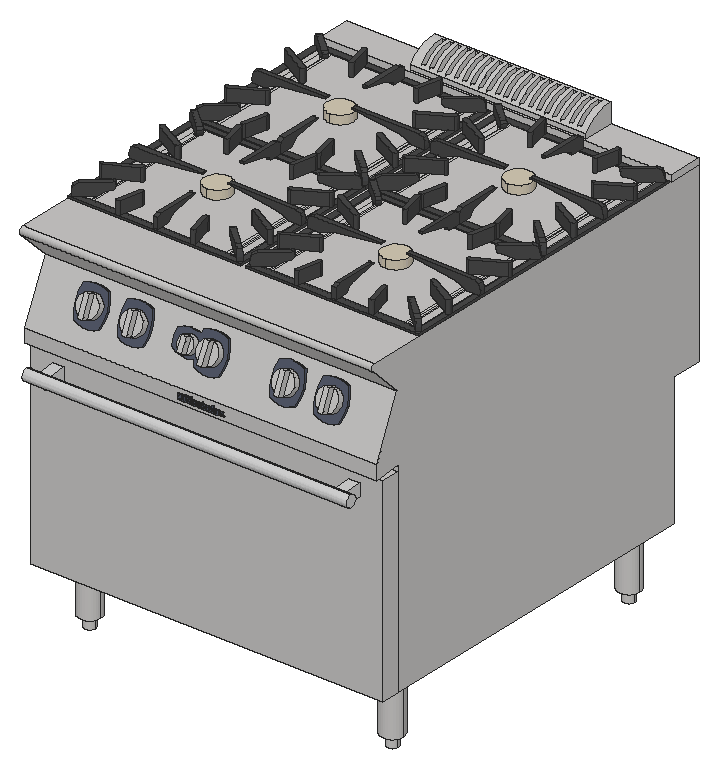
Revit family "QF_ELECTROLUXPROFESSIONAL_391576_E9AAMTBBMEI", category Attrezzature speciali, Revit 2018 (continued)
Automatic sketch dimensions
  Extrusion 12 sketch curve to Extrusion 12 sketch curve = 0.137 mm
  Extrusion 12 sketch curve to Extrusion 12 sketch curve = 0.027 mm
  Extrusion 12 sketch curve to Extrusion 12 sketch curve = 2.235 mm
  Extrusion 13 sketch curve to Extrusion 1 = 0 mm
  Extrusion 1 to Extrusion 13 sketch curve = 9.61 mm
  Extrusion 13 sketch curve to Extrusion 1 = 0.775 mm
  Extrusion 1 to Extrusion 13 sketch curve = 0.1 mm
  Extrusion 15 sketch curve to plane 12 = 298.908 mm
  plane 5 "FRONT" to Extrusion 15 sketch curve = 18.336 mm
  Extrusion 15 sketch curve to Extrusion 15 sketch curve = 3.343 mm
  Extrusion 15 sketch curve to Extrusion 15 sketch curve = 2.066 mm
  Extrusion 15 sketch curve to Extrusion 15 sketch curve = 0 mm  (x2)
  Extrusion 15 sketch curve to Extrusion 15 sketch curve = 1.593 mm
  Extrusion 15 sketch curve to Extrusion 15 sketch curve = 5.756 mm
  Extrusion 15 sketch curve to Extrusion 15 sketch curve = 4.906 mm
  Extrusion 15 sketch curve to Extrusion 15 sketch curve = 5.312 mm
  plane 5 "FRONT" to Extrusion 15 sketch curve = 9.206 mm
  Extrusion 15 sketch curve to Extrusion 15 sketch curve = 11.3 mm
  Extrusion 15 sketch curve to Extrusion 15 sketch curve = 28.009 mm
  Extrusion 15 sketch curve to Extrusion 15 sketch curve = 2.83 mm
  Extrusion 16 sketch curve to plane 12 = 298.908 mm
  plane 5 "FRONT" to Extrusion 16 sketch curve = 18.336 mm
  Extrusion 16 sketch curve to Extrusion 16 sketch curve = 3.343 mm
  Extrusion 16 sketch curve to Extrusion 16 sketch curve = 2.066 mm
  Extrusion 16 sketch curve to Extrusion 16 sketch curve = 0 mm  (x2)
  Extrusion 16 sketch curve to Extrusion 16 sketch curve = 1.593 mm
  Extrusion 16 sketch curve to Extrusion 16 sketch curve = 5.756 mm
  Extrusion 16 sketch curve to Extrusion 16 sketch curve = 4.906 mm
  Extrusion 16 sketch curve to Extrusion 16 sketch curve = 5.312 mm
  plane 5 "FRONT" to Extrusion 16 sketch curve = 9.206 mm
  Extrusion 16 sketch curve to Extrusion 16 sketch curve = 11.3 mm
  Extrusion 16 sketch curve to Extrusion 16 sketch curve = 28.009 mm
  Extrusion 16 sketch curve to Extrusion 16 sketch curve = 11.2 mm
  plane 5 "FRONT" to Extrusion 19 sketch curve = 0 mm  (x2)
  plane 1 "BACK" to Extrusion 19 sketch curve = 0 mm
  Extrusion 19 sketch curve to plane 3 "LEFT" = 0 mm
  Extrusion 19 sketch curve to plane 4 "RIGHT" = 0 mm
  Extrusion 19 sketch curve to plane 3 "LEFT" = 100.013 mm
  Extrusion 19 sketch curve to Extrusion 19 sketch curve = 100.013 mm
  Extrusion 19 sketch curve to plane 1 "BACK" = 100.013 mm
  Extrusion 13 to Extrusion 17 sketch curve = 0 mm
  Extrusion 17 sketch curve to Extrusion 13 = 0 mm
  Extrusion 13 to Extrusion 17 sketch curve = 0.002 mm
  Extrusion 13 to Extrusion 17 sketch curve = 9.686 mm
  Extrusion 17 sketch curve to Extrusion 13 = 11.396 mm
  Extrusion 1 sketch curve to plane 5 "FRONT" = 7.973 mm
  Extrusion 1 sketch curve to plane 5 "FRONT" = 13.51 mm
  plane 14 to Extrusion 1 sketch curve = 57.381 mm
  Extrusion 15 sketch curve to plane 5 "FRONT" = 29.472 mm
  Extrusion 16 sketch curve to plane 5 "FRONT" = 29.472 mm
  plane 4 "RIGHT" to Revolve 3 sketch curve = 55.563 mm
  Revolve 3 sketch curve to Revolve 3 sketch curve = 0 mm
  plane 4 "RIGHT" to Revolve 4 sketch curve = 55.562 mm
  Revolve 4 sketch curve to Revolve 4 sketch curve = 0 mm
  Extrusion 9 sketch curve to Extrusion 9 sketch curve = 15.898 mm  (x2)
  plane 3 "LEFT" to Revolve 2 sketch curve = 30.162 mm
  Revolve 2 sketch curve to Revolve 2 sketch curve = 0 mm
  plane 3 "LEFT" to Revolve 5 sketch curve = 55.563 mm
  Revolve 5 sketch curve to Revolve 5 sketch curve = 0 mm
  Revolve 5 sketch curve to Revolve 5 sketch curve = 12.7 mm
  Revolve 5 sketch curve to Revolve 5 sketch curve = 25.4 mm
  Extrusion 9 sketch curve to Extrusion 9 sketch curve = 33.814 mm
  plane 5 "FRONT" to curve 1 = 0 mm
  curve 11 to plane 3 "LEFT" = 0 mm
  curve 8 to plane 4 "RIGHT" = 0 mm
  plane 5 "FRONT" to curve 11 = 0 mm
  curve 1 to plane 3 "LEFT" = 100.013 mm
  plane 4 "RIGHT" to curve 9 = 0.1 mm
  curve 2 to plane 4 "RIGHT" = 100.013 mm
  plane 17 to curve 9 = 0.132 mm
  curve 3 to plane 5 "FRONT" = 0.396 mm
  curve 10 to plane 5 "FRONT" = 1.407 mm
  plane 11 to curve 7 = 4.762 mm
  curve 2 to plane 1 "BACK" = 100.013 mm
  plane 19 to curve 13 = 25.075 mm
  plane 19 to curve 19 = 5.2 mm
  curve 22 to plane 19 = 20.2 mm
  curve 17 to plane 18 = 20.2 mm
  plane 18 to curve 23 = 5.2 mm
  plane 5 "FRONT" to curve 15 = 7.706 mm
  curve 15 to curve 15 = 19.875 mm
  curve 12 to curve 15 = 25.4 mm
  curve 17 to curve 17 = 23.508 mm
  curve 12 to curve 20 = 9.598 mm
  curve 18 to curve 17 = 7.706 mm
  curve 19 to curve 20 = 7.706 mm
  plane 1 "BACK" to curve 24 = 0 mm
  curve 24 to plane 19 = 144 mm
  plane 1 "BACK" to curve 105 = 6.761 mm
  curve 24 to curve 105 = 20.698 mm
  curve 104 to curve 103 = 9.296 mm
  curve 103 to curve 102 = 9.397 mm
  curve 100 to curve 99 = 9.296 mm
  curve 99 to curve 97 = 9.397 mm
  curve 97 to curve 98 = 9.296 mm
  curve 95 to curve 93 = 9.397 mm
  curve 93 to curve 94 = 9.296 mm
  curve 91 to curve 90 = 9.397 mm
  curve 89 to curve 87 = 9.296 mm
  curve 87 to curve 85 = 9.397 mm
  curve 84 to curve 84 = 9.296 mm
  curve 83 to curve 80 = 9.397 mm
  curve 81 to curve 82 = 9.296 mm
  curve 79 to curve 78 = 9.397 mm
  curve 76 to curve 76 = 9.296 mm
  curve 75 to curve 72 = 9.397 mm
  curve 72 to curve 72 = 9.296 mm
  curve 71 to curve 68 = 9.397 mm
  curve 67 to plane 7 "Center Y" = 1.823 mm
  plane 7 "Center Y" to curve 65 = 7.574 mm
  curve 64 to curve 64 = 9.296 mm
  curve 63 to curve 61 = 9.397 mm
  curve 61 to curve 59 = 9.296 mm
  curve 59 to curve 57 = 9.397 mm
  curve 57 to curve 55 = 9.296 mm
  curve 55 to curve 53 = 9.397 mm
  curve 53 to curve 51 = 9.296 mm
  curve 51 to curve 48 = 9.397 mm
  curve 49 to curve 47 = 9.296 mm
  curve 47 to curve 45 = 9.397 mm
  curve 45 to curve 46 = 9.296 mm
  curve 43 to curve 41 = 9.397 mm
  curve 41 to curve 42 = 9.296 mm
  curve 39 to curve 37 = 9.397 mm
  curve 37 to curve 38 = 9.296 mm
  curve 35 to curve 32 = 9.397 mm
  curve 33 to curve 31 = 9.296 mm
  curve 31 to curve 28 = 9.397 mm
  curve 29 to curve 27 = 9.296 mm
  curve 30 to curve 26 = 14.847 mm
  plane 11 to curve 26 = 11.113 mm
  plane 11 to curve 104 = 17.052 mm
  plane 11 to curve 100 = 17.052 mm
  curve 100 to curve 96 = 0 mm
  curve 25 to curve 27 = 5.939 mm
  curve 95 to curve 93 = 0 mm
  curve 31 to curve 28 = 0 mm
  curve 91 to curve 89 = 0 mm
  curve 35 to curve 32 = 0 mm
  curve 87 to curve 85 = 0 mm
  curve 39 to curve 36 = 0 mm
  curve 83 to curve 81 = 0 mm
  curve 43 to curve 40 = 0 mm
  curve 79 to curve 77 = 0 mm
  curve 47 to curve 44 = 0 mm
  curve 75 to curve 73 = 0 mm
  curve 51 to curve 48 = 0 mm
  curve 71 to curve 69 = 0 mm
  curve 55 to curve 52 = 0 mm
  curve 67 to curve 65 = 0 mm
  curve 59 to curve 56 = 0 mm
  plane 1 "BACK" to curve 62 = 6.761 mm
  plane 1 "BACK" to curve 63 = 6.761 mm
  plane 1 "BACK" to curve 58 = 6.761 mm
  plane 1 "BACK" to curve 54 = 6.761 mm
  plane 1 "BACK" to curve 69 = 6.761 mm
  plane 1 "BACK" to curve 71 = 6.761 mm
  plane 1 "BACK" to curve 50 = 6.761 mm
  plane 1 "BACK" to curve 75 = 6.761 mm
  plane 1 "BACK" to curve 46 = 6.761 mm
  plane 1 "BACK" to curve 79 = 6.761 mm
  plane 1 "BACK" to curve 42 = 6.761 mm
  plane 1 "BACK" to curve 38 = 6.761 mm
  plane 1 "BACK" to curve 85 = 6.761 mm
  plane 1 "BACK" to curve 34 = 6.761 mm
  plane 1 "BACK" to curve 89 = 6.761 mm
  plane 1 "BACK" to curve 91 = 6.761 mm
  plane 1 "BACK" to curve 30 = 6.761 mm
  plane 1 "BACK" to curve 95 = 6.761 mm
  plane 1 "BACK" to curve 101 = 6.761 mm
  radius of Extrusion 10 sketch curve = 25.4 mm  (x5)
  radius of Extrusion 10 sketch curve = 19.05 mm
  radius of Extrusion 11 sketch curve to Extrusion 10 = 0 mm  (x6)
  radius of Extrusion 14 sketch curve to Extrusion 16 = 0 mm
  radius of Extrusion 18 sketch curve = 6.4 mm  (x2)
Nested families
  nested 1: "371009_BURNER" at (393.7, -440.488, 0) x (-1, 0, 0) z (0, 0, 1), type "371009_BURNER"
    with Type Mark "", Status "", Specification by User "", Revision Code "", Item Number "", Installed By "", Identify Quantity as Lot yes, Furnished By "", Foodservice Equipment Identifier yes
  nested 2: "371009_BURNER" at (393.7, -440.488, 0) x (-1, 0, 0) z (0, 0, 1), type "371009_BURNER"
    with Type Mark "", Status "", Specification by User "", Revision Code "", Item Number "", Installed By "", Identify Quantity as Lot yes, Furnished By "", Foodservice Equipment Identifier yes
  nested 3: "371009_BURNER" at (406.4, -440.488, 0), type "371009_BURNER"
    with Type Mark "", Status "", Specification by User "", Revision Code "", Item Number "", Installed By "", Identify Quantity as Lot yes, Furnished By "", Foodservice Equipment Identifier yes
  nested 4: "371009_BURNER" at (406.4, -440.488, 0), type "371009_BURNER"
    with Type Mark "", Status "", Specification by User "", Revision Code "", Item Number "", Installed By "", Identify Quantity as Lot yes, Furnished By "", Foodservice Equipment Identifier yes
Connectors
  piping at (749.3, -665.163, 128.587), diameter 12.8
    settings: on Extrusion 18, index 1, connector inside diameter 0.50394", connector length 0 mm, flow factor 0, pipe flow 0 GPM, pressure drop 0.00 psi, fitting loss kfactor 0, connector angle 0.00°, fixture units 0, engagement length 0 mm, angle of deflection 0.00°, flow configuration 1, flow direction 1, fitting loss method 0, system type 7, joint type 0, gender type 0, connector reference index -1, connector utility 0, adjustable connector no, is connector primary yes, connector description "GAS CONNECTION"
Definition of nested family "371009_BURNER"
  Parameters
    Weight in Pounds = 0
    URL Cutsheet = ""
    URL = "www.electrolux.com"
    Type Mark [instance] = ""
    Status [instance] = ""
    Specification by User [instance] = ""
    Specification by Manufacturer = ""
    Show Clearance [instance] = yes
    Serial Number = ""
    Seismic Rating = ""
    SMACNA No = ""
    Revision Code [instance] = ""
    Omniclass Number and Title = ""
    NAFEM Spec ID Number = ""
    Model = "371009"
    Masterspec = ""
    Manufacturer = "ELECTROLUX"
    Item Number [instance] = ""
    Installed By [instance] = ""
    Identify Quantity as Lot [instance] = yes
    Furnished By [instance] = ""
    Foodservice Equipment Identifier [instance] = yes
    Description = ""
    CSI MasterFormat = ""
    CSI Master Format = ""
  Reference planes
    plane 1 "BACK": y = 0
    plane 2: z = 0
    plane 3 "LEFT": x = 0
    plane 4 "RIGHT": x = 393.7
    plane 5 "FRONT": y = -355.6
    plane 6 "TOP": z = 908.85
    plane 7 "Center Y": x = 196.85
    plane 8 "Center X": y = -177.8
    plane 9 "Base": z = 150
    plane 10: z = 850.85
  Forms (mm)
    Extrusion 1, solid
      sketch origin (-6.433, -404.961, 5) x (1, 0, 0) y (0, 0, -1)
        loop
          arc (7.142, -850.85) -> (6.739, -862.989) -> (9.761, -874.752) r 42.809
          line (9.761, -874.752) -> (19.961, -879.425) -> (173.122, -879.425)
          arc (173.122, -879.425) -> (174.316, -878.312) -> (173.289, -877.043) r 1.197
          line (173.289, -877.043) -> (64.848, -864.021)
          arc (64.848, -864.021) -> (50.111, -858.738) -> (36.589, -850.85) r 85.245
          line (36.589, -850.85) -> (7.142, -850.85)
        loop
          line (399.424, -850.85) -> (369.977, -850.85)
          arc (369.977, -850.85) -> (356.455, -858.738) -> (341.718, -864.021) r 85.245
          line (341.718, -864.021) -> (233.277, -877.043)
          arc (233.277, -877.043) -> (232.25, -878.312) -> (233.444, -879.425) r 1.197
          line (233.444, -879.425) -> (386.605, -879.425) -> (396.806, -874.752)
          arc (396.806, -874.752) -> (399.827, -862.989) -> (399.424, -850.85) r 42.809
      from 224.564 to 234.564
    Extrusion 2, solid
      sketch origin (196.85, 175.397, 1219.2) x (0, 1, 0) y (0, 0, 1)
        loop
          line (-204.463, -363.35) -> (-175.397, -363.35) -> (-175.397, -339.506)
          arc (-175.397, -339.506) -> (-181.025, -338.266) -> (-185.611, -334.775) r 13.39
          line (-185.611, -334.775) -> (-278.903, -334.775)
          arc (-278.903, -334.775) -> (-280.097, -335.888) -> (-279.07, -337.157) r 1.197
          line (-279.07, -337.157) -> (-227.151, -347.464)
          arc (-227.151, -347.464) -> (-213.741, -352.457) -> (-204.463, -363.35) r 28.426
        loop
          arc (-496.332, -363.35) -> (-487.053, -352.457) -> (-473.644, -347.464) r 28.426
          line (-473.644, -347.464) -> (-421.725, -337.157)
          arc (-421.725, -337.157) -> (-420.697, -335.888) -> (-421.891, -334.775) r 1.197
          line (-421.891, -334.775) -> (-515.184, -334.775)
          arc (-515.184, -334.775) -> (-519.769, -338.266) -> (-525.397, -339.506) r 13.39
          line (-525.397, -339.506) -> (-525.397, -363.35) -> (-496.332, -363.35)
      from -5 to 5
    Extrusion 3, solid
      sketch origin (-6.433, 367.064, 850.85) x (0, -1, 0) y (1, 0, 0)
        loop
          line (722.664, 6.433) -> (722.664, 400.133) -> (367.064, 400.133) -> (367.064, 6.433) -> (722.664, 6.433)
        loop
          line (382.064, 21.433) -> (707.664, 21.433) -> (707.664, 385.133) -> (382.064, 385.133) -> (382.064, 21.433)
      from 0 to 5
    Extrusion 4, solid
      sketch origin (-18.933, 367.064, 855.85) x (0, -1, 0) y (1, 0, 0)
        loop
          circle (541.667, 215.783) r 30
      from -1.321 to 17.134
    Extrusion 5, solid
      sketch origin (-6.433, -367.064, 0) x (1, 0, 0) y (0, 0, -1)
        loop
          line (21.433, -855.85) -> (36.589, -855.85)
          arc (36.589, -855.85) -> (40.561, -855.243) -> (44.305, -853.783) r 18.259
          arc (44.305, -853.783) -> (45.997, -853.366) -> (47.69, -853.783) r 3.649
          arc (47.69, -853.783) -> (49.901, -854.522) -> (52.232, -854.529) r 7.328
          line (52.232, -854.529) -> (354.334, -854.529)
          arc (354.334, -854.529) -> (356.666, -854.522) -> (358.877, -853.783) r 7.328
          arc (358.877, -853.783) -> (360.569, -853.366) -> (362.261, -853.783) r 3.649
          arc (362.261, -853.783) -> (366.005, -855.243) -> (369.977, -855.85) r 18.259
          line (369.977, -855.85) -> (385.133, -855.85) -> (385.133, -850.85) -> (21.433, -850.85) -> (21.433, -855.85)
      from 26.464 to 352.064
    Extrusion 6, solid
      sketch origin (83.284, -458.334, 5) x (0.742103, 0.670286, 0) y (0, 0, -1)
        loop
          arc (88.629, -864.012) -> (73.909, -858.731) -> (60.402, -850.85) r 85.245
          line (60.402, -850.85) -> (14.993, -850.85)
          arc (14.993, -850.85) -> (14.642, -862.948) -> (17.686, -874.663) r 42.876
          line (17.686, -874.663) -> (27.899, -879.425) -> (89.664, -879.425)
          arc (89.664, -879.425) -> (92.39, -878.352) -> (93.654, -875.709) r 4
          arc (93.654, -875.709) -> (92.562, -869.25) -> (88.629, -864.012) r 13.87
        loop
          arc (457.638, -864.012) -> (453.704, -869.25) -> (452.613, -875.709) r 13.87
          arc (452.613, -875.709) -> (453.876, -878.352) -> (456.603, -879.425) r 4
          line (456.603, -879.425) -> (518.367, -879.425) -> (528.581, -874.663)
          arc (528.581, -874.663) -> (531.624, -862.948) -> (531.273, -850.85) r 42.876
          line (531.273, -850.85) -> (485.865, -850.85)
          arc (485.865, -850.85) -> (472.357, -858.731) -> (457.638, -864.012) r 85.245
      from 127.064 to 137.064
    Extrusion 7, solid
      sketch origin (310.416, -458.334, 5) x (-0.742103, 0.670286, 0) y (0, 0, 1)
        loop
          arc (88.629, 864.012) -> (92.562, 869.25) -> (93.654, 875.709) r 13.87
          arc (93.654, 875.709) -> (92.39, 878.352) -> (89.664, 879.425) r 4
          line (89.664, 879.425) -> (27.899, 879.425) -> (17.686, 874.663)
          arc (17.686, 874.663) -> (14.642, 862.948) -> (14.993, 850.85) r 42.876
          line (14.993, 850.85) -> (60.402, 850.85)
          arc (60.402, 850.85) -> (73.909, 858.731) -> (88.629, 864.012) r 85.245
        loop
          arc (457.638, 864.012) -> (472.357, 858.731) -> (485.865, 850.85) r 85.245
          line (485.865, 850.85) -> (531.273, 850.85)
          arc (531.273, 850.85) -> (531.624, 862.948) -> (528.581, 874.663) r 42.876
          line (528.581, 874.663) -> (518.367, 879.425) -> (456.603, 879.425)
          arc (456.603, 879.425) -> (453.876, 878.352) -> (452.613, 875.709) r 4
          arc (452.613, 875.709) -> (453.704, 869.25) -> (457.638, 864.012) r 13.87
      from 127.064 to 137.064
    Extrusion 8, solid
      sketch origin (-6.433, 367.064, 855.85) x (0, -1, 0) y (1, 0, 0)
        loop
          arc (626.166, 9.428) -> (632.956, 7.454) -> (634.93, 14.244) r 5
          line (634.93, 14.244) -> (600.514, 76.878)
          arc (600.514, 76.878) -> (593.724, 78.852) -> (591.75, 72.062) r 5
          line (591.75, 72.062) -> (626.166, 9.428)
        loop
          line (463.562, 9.428) -> (497.977, 72.062)
          arc (497.977, 72.062) -> (496.003, 78.852) -> (489.213, 76.878) r 5
          line (489.213, 76.878) -> (454.798, 14.244)
          arc (454.798, 14.244) -> (456.772, 7.454) -> (463.562, 9.428) r 5
        loop
          line (626.166, 397.138) -> (591.75, 334.504)
          arc (591.75, 334.504) -> (593.724, 327.714) -> (600.514, 329.689) r 5
          line (600.514, 329.689) -> (634.93, 392.323)
          arc (634.93, 392.323) -> (632.956, 399.113) -> (626.166, 397.138) r 5
        loop
          arc (463.562, 397.138) -> (456.772, 399.113) -> (454.798, 392.323) r 5
          line (454.798, 392.323) -> (489.213, 329.689)
          arc (489.213, 329.689) -> (496.003, 327.714) -> (497.977, 334.504) r 5
          line (497.977, 334.504) -> (463.562, 397.138)
        loop
          line (715.14, 293.499) -> (666.703, 282.317)
          arc (666.703, 282.317) -> (662.956, 276.32) -> (668.953, 272.573) r 5
          line (668.953, 272.573) -> (717.389, 283.756)
          arc (717.389, 283.756) -> (721.136, 289.752) -> (715.14, 293.499) r 5
        loop
          arc (715.14, 113.067) -> (721.136, 116.814) -> (717.389, 122.811) r 5
          line (717.389, 122.811) -> (668.953, 133.993)
          arc (668.953, 133.993) -> (662.956, 130.246) -> (666.703, 124.249) r 5
          line (666.703, 124.249) -> (715.14, 113.067)
        loop
          arc (374.588, 293.499) -> (368.591, 289.752) -> (372.338, 283.756) r 5
          line (372.338, 283.756) -> (420.775, 272.573)
          arc (420.775, 272.573) -> (426.771, 276.32) -> (423.024, 282.317) r 5
          line (423.024, 282.317) -> (374.588, 293.499)
        loop
          line (374.588, 113.067) -> (423.024, 124.249)
          arc (423.024, 124.249) -> (426.771, 130.246) -> (420.775, 133.993) r 5
          line (420.775, 133.993) -> (372.338, 122.811)
          arc (372.338, 122.811) -> (368.591, 116.814) -> (374.588, 113.067) r 5
      from 0 to 28.575
  Lines and regions (mm)
    symbolic lines
      curve 1: line (0, -355.6, 150) -> (393.7, -355.6, 150)
      curve 2: line (0, 0, 150) -> (0, -355.6, 150)
      curve 3: line (393.7, -355.6, 150) -> (393.7, 0, 150)
      curve 4: line (369.633, -15, 150) -> (285.34, -15, 150)
      curve 5: line (24.067, -340.6, 150) -> (108.36, -340.6, 150)
      curve 6: line (157.475, -170.397, 150) -> (157.475, -15, 150)
      curve 7: line (236.225, -170.397, 150) -> (236.225, -15, 150)
      curve 8: line (201.85, -350, 150) -> (201.85, -176.674, 150)
      curve 9: line (0, -180.397, 150) -> (167.224, -180.397, 150)
      curve 10: line (393.7, -170.397, 150) -> (228.275, -170.397, 150)
      curve 11: line (15, -180.397, 150) -> (15, -252.506, 150)
      curve 12: line (45.799, -340.6, 150) -> (45.799, -320.971, 150)
      curve 13: line (167.224, -170.397, 150) -> (0, -170.397, 150)
      curve 14: line (228.275, -180.504, 150) -> (393.7, -180.504, 150)
      curve 15: arc (228.275, -170.397, 150) -> (223.221, -175.45, 150) -> (228.275, -180.504, 150) r 5.054
      curve 16: arc (167.224, -170.397, 150) -> (172.224, -175.397, 150) -> (167.224, -180.397, 150) r 5
      curve 17: line (191.85, -176.674, 150) -> (191.85, -350, 150)
      curve 18: line (201.85, -134.556, 150) -> (201.85, -0.794, 150)
      curve 19: arc (201.85, -176.674, 150) -> (196.85, -171.674, 150) -> (191.85, -176.674, 150) r 5
      curve 20: arc (201.85, -134.556, 150) -> (196.85, -139.556, 150) -> (191.85, -134.556, 150) r 5
      curve 21: line (191.85, -15, 150) -> (118.623, -15, 150)
      curve 22: arc (201.85, -29.042, 150) -> (213.272, -50.008, 150) -> (201.85, -70.973, 150) r 24.953
      curve 23: arc (213.086, -53.048, 150) -> (214.5, -50.008, 150) -> (213.086, -46.967, 150) r 3.975
      curve 24: arc (191.85, -29.852, 150) -> (181.339, -50.008, 150) -> (191.85, -70.163, 150) r 24.58
      curve 25: arc (181.527, -53.042, 150) -> (179.976, -50.008, 150) -> (181.527, -46.973, 150) r 3.745
      curve 26: line (191.85, -0.794, 150) -> (191.85, -134.556, 150)
      curve 27: line (191.85, -350, 150) -> (201.85, -350, 150)
      curve 28: line (191.85, -11.007, 150) -> (201.85, -11.007, 150)
      curve 29: line (191.85, -0.794, 150) -> (201.85, -0.794, 150)
      curve 30: line (201.85, -340.6, 150) -> (275.077, -340.6, 150)
      curve 31: arc (196.85, -145.397, 0) -> (166.955, -172.888, 0) -> (191.85, -204.977, 0) r 30
      curve 32: arc (201.85, -204.977, 0) -> (226.745, -172.888, 0) -> (196.85, -145.397, 0) r 30
      curve 33: arc (158.678, -180.397, 0) -> (170.734, -200.207, 0) -> (191.85, -209.795, 0) r 39.375
      curve 34: line (163.825, -170.397, 150) -> (163.825, -15, 150)
      curve 35: line (229.875, -170.397, 150) -> (229.875, -15, 150)
      curve 36: line (144.775, -170.397, 150) -> (144.775, -15, 150)
      curve 37: line (248.925, -170.397, 150) -> (248.925, -15, 150)
      curve 38: arc (145.678, -180.397, 0) -> (161.728, -209.187, 0) -> (191.85, -222.573, 0) r 52.075
      curve 39: arc (201.85, -209.795, 0) -> (222.966, -200.207, 0) -> (235.022, -180.397, 0) r 39.375
      curve 40: arc (201.85, -222.573, 0) -> (231.931, -209.224, 0) -> (248.001, -180.504, 0) r 52.075
      curve 41: line (393.7, 0, 0) -> (0, 0, 0)
      curve 42: line (70.445, -122.149, 0) -> (7.81, -87.734, 0)
      curve 43: arc (7.81, -87.734, 0) -> (1.021, -89.708, 0) -> (2.995, -96.498, 0) r 5
      curve 44: line (2.995, -96.498, 0) -> (65.629, -130.914, 0)
      curve 45: arc (65.629, -130.914, 0) -> (72.419, -128.939, 0) -> (70.445, -122.149, 0) r 5
      curve 46: line (65.629, -224.686, 0) -> (2.995, -259.102, 0)
      curve 47: arc (2.995, -259.102, 0) -> (1.021, -265.892, 0) -> (7.81, -267.866, 0) r 5
      curve 48: line (7.81, -267.866, 0) -> (70.445, -233.451, 0)
      curve 49: arc (70.445, -233.451, 0) -> (72.419, -226.661, 0) -> (65.629, -224.686, 0) r 5
      curve 50: line (323.255, -122.149, 0) -> (385.89, -87.734, 0)
      curve 51: arc (385.89, -87.734, 0) -> (392.679, -89.708, 0) -> (390.705, -96.498, 0) r 5
      curve 52: line (390.705, -96.498, 0) -> (328.071, -130.914, 0)
      curve 53: arc (328.071, -130.914, 0) -> (321.281, -128.939, 0) -> (323.255, -122.149, 0) r 5
      curve 54: line (328.071, -224.686, 0) -> (390.705, -259.102, 0)
      curve 55: arc (390.705, -259.102, 0) -> (392.679, -265.892, 0) -> (385.89, -267.866, 0) r 5
      curve 56: line (385.89, -267.866, 0) -> (323.255, -233.451, 0)
      curve 57: arc (323.255, -233.451, 0) -> (321.281, -226.661, 0) -> (328.071, -224.686, 0) r 5
      curve 58: line (118.623, -340.6, 150) -> (191.85, -340.6, 150)
      curve 59: line (285.34, -340.6, 150) -> (369.633, -340.6, 150)
      curve 60: line (378.7, -335.314, 0) -> (378.7, -263.916, 0)
      curve 61: line (1.326, -7.935, 0) -> (58.752, -59.804, 0)
      curve 62: line (65.455, -52.383, 0) -> (8.029, -0.514, 0)
      curve 63: arc (58.752, -59.804, 0) -> (65.814, -59.445, 0) -> (65.455, -52.383, 0) r 5
      curve 64: line (1.326, -7.935, 0) -> (8.029, -0.514, 0)
      curve 65: line (392.374, -7.935, 0) -> (334.948, -59.804, 0)
      curve 66: line (328.245, -52.383, 0) -> (385.671, -0.514, 0)
      curve 67: arc (334.948, -59.804, 0) -> (327.886, -59.445, 0) -> (328.245, -52.383, 0) r 5
      curve 68: line (392.374, -7.935, 0) -> (385.671, -0.514, 0)
      curve 69: line (392.374, -347.665, 0) -> (334.948, -295.796, 0)
      curve 70: line (328.245, -303.217, 0) -> (385.671, -355.086, 0)
      curve 71: arc (334.948, -295.796, 0) -> (327.886, -296.155, 0) -> (328.245, -303.217, 0) r 5
      curve 72: line (392.374, -347.665, 0) -> (385.671, -355.086, 0)
      curve 73: line (1.326, -347.665, 0) -> (58.752, -295.796, 0)
      curve 74: line (65.455, -303.217, 0) -> (8.029, -355.086, 0)
      curve 75: arc (58.752, -295.796, 0) -> (65.814, -296.155, 0) -> (65.455, -303.217, 0) r 5
      curve 76: line (1.326, -347.665, 0) -> (8.029, -355.086, 0)
      curve 77: line (347.901, -15, 0) -> (347.901, -34.629, 0)
      curve 78: line (347.901, -320.971, 0) -> (347.901, -340.6, 0)
      curve 79: line (378.7, -252.506, 0) -> (378.7, -180.397, 0)
      curve 80: line (347.901, -246.993, 0) -> (347.901, -307.496, 0)
      curve 81: line (378.7, -170.397, 0) -> (378.7, -103.094, 0)
      curve 82: line (347.901, -180.397, 0) -> (347.901, -235.582, 0)
      curve 83: line (378.7, -91.684, 0) -> (378.7, -20.286, 0)
      curve 84: line (347.901, -120.018, 0) -> (347.901, -170.397, 0)
      curve 85: line (347.901, -48.104, 0) -> (347.901, -108.607, 0)
      curve 86: line (275.077, -15, 150) -> (201.85, -15, 150)
      curve 87: line (108.36, -15, 150) -> (24.067, -15, 150)
      curve 88: line (45.799, -40, 150) -> (45.799, -15, 150)
      curve 89: line (45.799, -108.607, 150) -> (45.799, -40, 150)
      curve 90: line (15, -20.286, 0) -> (15, -91.684, 0)
      curve 91: line (15, -103.094, 0) -> (15, -170.397, 0)
      curve 92: line (45.799, -170.397, 150) -> (45.799, -120.018, 150)
      curve 93: line (45.799, -235.582, 150) -> (45.799, -180.397, 150)
      curve 94: line (15, -263.916, 150) -> (15, -335.314, 150)
      curve 95: line (45.799, -307.496, 150) -> (45.799, -246.993, 150)
      curve 96: line (116.378, -350.325, 0) -> (127.56, -301.889, 0)
      curve 97: arc (127.56, -301.889, 0) -> (123.813, -295.892, 0) -> (117.816, -299.64, 0) r 5
      curve 98: line (117.816, -299.64, 0) -> (106.634, -348.076, 0)
      curve 99: arc (106.634, -348.076, 0) -> (110.381, -354.072, 0) -> (116.378, -350.325, 0) r 5
      curve 100: line (266.14, -301.889, 0) -> (277.322, -350.325, 0)
      curve 101: arc (277.322, -350.325, 0) -> (283.319, -354.072, 0) -> (287.066, -348.076, 0) r 5
      curve 102: line (287.066, -348.076, 0) -> (275.884, -299.64, 0)
      curve 103: arc (275.884, -299.64, 0) -> (269.887, -295.892, 0) -> (266.14, -301.889, 0) r 5
      curve 104: line (275.884, -55.96, 0) -> (287.066, -7.524, 0)
      curve 105: arc (287.066, -7.524, 0) -> (283.319, -1.528, 0) -> (277.322, -5.275, 0) r 5
      curve 106: line (277.322, -5.275, 0) -> (266.14, -53.711, 0)
      curve 107: arc (266.14, -53.711, 0) -> (269.887, -59.708, 0) -> (275.884, -55.96, 0) r 5
      curve 108: line (127.56, -53.711, 0) -> (116.378, -5.275, 0)
      curve 109: arc (116.378, -5.275, 0) -> (110.381, -1.528, 0) -> (106.634, -7.524, 0) r 5
      curve 110: line (106.634, -7.524, 0) -> (117.816, -55.96, 0)
      curve 111: arc (117.816, -55.96, 0) -> (123.813, -59.708, 0) -> (127.56, -53.711, 0) r 5
  Dimensions and locks
    equal spacing: plane 3 "LEFT", plane 7 "Center Y", plane 4 "RIGHT"
    plane 3 "LEFT" to plane 4 "RIGHT" = 393.7 mm
    equal spacing: plane 5 "FRONT", plane 8 "Center X", plane 1 "BACK"
    plane 5 "FRONT" to plane 1 "BACK" = 355.6 mm
    plane 6 "TOP" to level = 908.85 mm
    plane 9 "Base" to level = 150 mm
    plane 6 "TOP" to plane 10 = 58 mm  (x2)
    locked: Extrusion 4 sketch curve to plane 7 "Center Y" at 0
    aligned and locked: level to plane 2
  Automatic sketch dimensions
    curve 10 to plane 4 "RIGHT" = 0 mm
    curve 20 to plane 7 "Center Y" = 0 mm
    curve 19 to plane 7 "Center Y" = 0 mm
    curve 9 to plane 3 "LEFT" = 0 mm
    plane 1 "BACK" to curve 2 = 0 mm
    plane 1 "BACK" to curve 3 = 0 mm
    plane 5 "FRONT" to curve 2 = 0 mm
    curve 4 to plane 4 "RIGHT" = 24.067 mm
    curve 59 to plane 4 "RIGHT" = 24.067 mm
    plane 1 "BACK" to curve 37 = 15 mm
    plane 7 "Center Y" to curve 37 = 52.075 mm
    curve 37 to curve 7 = 12.7 mm
    curve 7 to curve 35 = 6.35 mm
    plane 8 "Center X" to curve 15 = 2.35 mm
    curve 35 to curve 15 = 1.6 mm
    plane 7 "Center Y" to curve 23 = 16.236 mm
    curve 23 to curve 23 = 0 mm
    curve 23 to curve 23 = 2.56 mm
    curve 23 to curve 24 = 4.607 mm
    plane 7 "Center Y" to curve 86 = 5 mm
    plane 7 "Center Y" to curve 27 = 5 mm
    curve 22 to plane 7 "Center Y" = 8.531 mm
    curve 22 to curve 25 = 4.597 mm
    curve 25 to curve 25 = 2.194 mm  (x2)
    curve 9 to plane 8 "Center X" = 2.597 mm
    curve 17 to curve 9 = 24.626 mm
    curve 21 to curve 34 = 28.025 mm
    curve 34 to curve 6 = 6.35 mm
    plane 8 "Center X" to curve 36 = 7.403 mm
    curve 6 to curve 36 = 12.7 mm
    plane 3 "LEFT" to curve 12 = 45.799 mm
    plane 3 "LEFT" to curve 87 = 24.067 mm
    plane 3 "LEFT" to curve 5 = 24.067 mm
    plane 1 "BACK" to curve 26 = 0.794 mm
    curve 28 to curve 86 = 3.993 mm
    curve 28 to curve 21 = 3.993 mm
    curve 86 to curve 22 = 14.042 mm
    curve 22 to curve 24 = 0.81 mm
    curve 22 to curve 23 = 17.925 mm
    curve 25 to curve 22 = 3.035 mm
    plane 8 "Center X" to curve 26 = 43.244 mm
    curve 15 to curve 15 = 5.054 mm
    plane 8 "Center X" to curve 17 = 1.126 mm
    curve 94 to curve 12 = 5.286 mm
    curve 58 to plane 5 "FRONT" = 15 mm
    curve 59 to plane 5 "FRONT" = 15 mm
    curve 8 to plane 5 "FRONT" = 5.6 mm
    plane 3 "LEFT" to Extrusion 1 sketch curve = 0.709 mm
    plane 3 "LEFT" to Extrusion 1 sketch curve = 3.327 mm
    Extrusion 1 sketch curve to Extrusion 1 sketch curve = 10.201 mm
    plane 10 to Extrusion 1 sketch curve = 5 mm  (x2)
    Extrusion 1 sketch curve to Extrusion 1 sketch curve = 29.447 mm
    Extrusion 1 sketch curve to Extrusion 1 sketch curve = 12.704 mm  (x2)
    Extrusion 1 sketch curve to Extrusion 1 sketch curve = 15.555 mm  (x2)
    plane 3 "LEFT" to Extrusion 1 sketch curve = 79.689 mm
    Extrusion 1 sketch curve to plane 7 "Center Y" = 30.161 mm
    Extrusion 1 sketch curve to Extrusion 1 sketch curve = 0.167 mm  (x2)
    plane 7 "Center Y" to Extrusion 1 sketch curve = 29.994 mm
    Extrusion 1 sketch curve to plane 4 "RIGHT" = 79.689 mm
    plane 10 to Extrusion 1 sketch curve = 18.171 mm
    Extrusion 1 sketch curve to plane 4 "RIGHT" = 58.415 mm
    Extrusion 1 sketch curve to plane 4 "RIGHT" = 13.528 mm
    Extrusion 1 sketch curve to plane 4 "RIGHT" = 3.327 mm
    Extrusion 1 sketch curve to plane 4 "RIGHT" = 0.709 mm
    Extrusion 1 sketch curve to Extrusion 1 sketch curve = 23.902 mm  (x2)
    Extrusion 1 sketch curve to plane 6 "TOP" = 26.807 mm  (x2)
    Extrusion 1 sketch curve to Extrusion 1 sketch curve = 1.185 mm  (x2)
    Extrusion 1 sketch curve to Extrusion 1 sketch curve = 5.694 mm
    Extrusion 2 sketch curve to plane 1 "BACK" = 0 mm
    plane 1 "BACK" to Extrusion 2 sketch curve = 10.213 mm
    plane 10 to Extrusion 2 sketch curve = 5 mm  (x2)
    plane 1 "BACK" to Extrusion 2 sketch curve = 29.066 mm
    plane 10 to Extrusion 2 sketch curve = 20.886 mm
    Extrusion 2 sketch curve to Extrusion 2 sketch curve = 22.688 mm  (x2)
    Extrusion 2 sketch curve to plane 10 = 7.392 mm  (x2)
    Extrusion 2 sketch curve to plane 6 "TOP" = 24.425 mm
    Extrusion 2 sketch curve to Extrusion 2 sketch curve = 51.752 mm
    Extrusion 2 sketch curve to plane 6 "TOP" = 26.807 mm  (x2)
    Extrusion 2 sketch curve to Extrusion 2 sketch curve = 0.167 mm  (x2)
    Extrusion 2 sketch curve to plane 8 "Center X" = 68.528 mm
    Extrusion 2 sketch curve to plane 5 "FRONT" = 60.248 mm
    Extrusion 2 sketch curve to Extrusion 2 sketch curve = 2.895 mm
    Extrusion 2 sketch curve to plane 5 "FRONT" = 15.813 mm
    Extrusion 2 sketch curve to plane 5 "FRONT" = 5.6 mm
    Extrusion 2 sketch curve to Extrusion 2 sketch curve = 4.731 mm
    Extrusion 2 sketch curve to Extrusion 2 sketch curve = 23.844 mm
    Extrusion 2 sketch curve to Extrusion 2 sketch curve = 1.185 mm
    plane 1 "BACK" to Extrusion 3 sketch curve = 0 mm
    Extrusion 3 sketch curve to plane 3 "LEFT" = 0 mm
    plane 5 "FRONT" to Extrusion 3 sketch curve = 0 mm
    Extrusion 3 sketch curve to plane 4 "RIGHT" = 0 mm
    plane 1 "BACK" to Extrusion 3 sketch curve = 15 mm
    Extrusion 3 sketch curve to plane 5 "FRONT" = 15 mm
    plane 3 "LEFT" to Extrusion 3 sketch curve = 15 mm
    Extrusion 3 sketch curve to plane 4 "RIGHT" = 15 mm
    Extrusion 3 to Extrusion 4 sketch curve = 159.603 mm
    Extrusion 5 sketch curve to plane 10 = 0 mm
    plane 3 "LEFT" to Extrusion 5 sketch curve = 15 mm
    Extrusion 5 sketch curve to Extrusion 5 sketch curve = 14.402 mm
    plane 10 to Extrusion 5 sketch curve = 5 mm
    Extrusion 5 sketch curve to Extrusion 5 sketch curve = 15.156 mm
    plane 10 to Extrusion 5 sketch curve = 2.933 mm  (x3)
    Extrusion 5 sketch curve to Extrusion 5 sketch curve = 7.716 mm  (x2)
    Extrusion 5 sketch curve to Extrusion 5 sketch curve = 0 mm  (x3)
    Extrusion 5 sketch curve to Extrusion 5 sketch curve = 1.692 mm  (x2)
    Extrusion 5 sketch curve to Extrusion 5 sketch curve = 3.385 mm  (x2)
    Extrusion 5 sketch curve to plane 10 = 3.559 mm  (x2)
    plane 10 to Extrusion 5 sketch curve = 3.679 mm
    Extrusion 5 sketch curve to plane 4 "RIGHT" = 45.799 mm
    Extrusion 5 sketch curve to Extrusion 5 sketch curve = 1.143 mm
    Extrusion 5 sketch curve to plane 10 = 13.244 mm
    Extrusion 5 sketch curve to plane 4 "RIGHT" = 15 mm
    plane 10 to Extrusion 6 sketch curve = 5 mm  (x2)
    Extrusion 6 sketch curve to Extrusion 6 sketch curve = 2.692 mm  (x2)
    Extrusion 6 sketch curve to Extrusion 6 sketch curve = 10.213 mm  (x2)
    plane 10 to Extrusion 6 sketch curve = 12.281 mm
    Extrusion 6 sketch curve to Extrusion 6 sketch curve = 29.348 mm  (x2)
    Extrusion 6 sketch curve to Extrusion 6 sketch curve = 3.155 mm  (x2)
    Extrusion 6 sketch curve to Extrusion 6 sketch curve = 22.572 mm
    Extrusion 6 sketch curve to Extrusion 6 sketch curve = 8.81 mm
    Extrusion 6 sketch curve to Extrusion 6 sketch curve = 9.845 mm  (x2)
    Extrusion 6 sketch curve to Extrusion 6 sketch curve = 3.99 mm  (x2)
    Extrusion 6 sketch curve to Extrusion 6 sketch curve = 0 mm  (x2)
    Extrusion 6 sketch curve to Extrusion 6 sketch curve = 49.533 mm
    Extrusion 6 sketch curve to plane 10 = 64.377 mm
    Extrusion 6 sketch curve to Extrusion 6 sketch curve = 326.397 mm
    Extrusion 6 sketch curve to plane 6 "TOP" = 28.141 mm
    Extrusion 6 sketch curve to Extrusion 6 sketch curve = 16.281 mm
    Extrusion 6 sketch curve to Extrusion 6 sketch curve = 1.035 mm
    Extrusion 6 sketch curve to Extrusion 6 sketch curve = 19.417 mm
    Extrusion 6 sketch curve to Extrusion 6 sketch curve = 4.763 mm  (x2)
    Extrusion 6 sketch curve to Extrusion 6 sketch curve = 3.716 mm
    plane 10 to Extrusion 7 sketch curve = 5 mm  (x2)
    Extrusion 7 sketch curve to Extrusion 7 sketch curve = 2.692 mm  (x2)
    Extrusion 7 sketch curve to Extrusion 7 sketch curve = 10.213 mm  (x2)
    plane 10 to Extrusion 7 sketch curve = 12.281 mm
    Extrusion 7 sketch curve to Extrusion 7 sketch curve = 29.348 mm  (x2)
    Extrusion 7 sketch curve to Extrusion 7 sketch curve = 3.155 mm  (x2)
    Extrusion 7 sketch curve to Extrusion 7 sketch curve = 22.572 mm
    Extrusion 7 sketch curve to Extrusion 7 sketch curve = 8.81 mm
    Extrusion 7 sketch curve to Extrusion 7 sketch curve = 9.845 mm  (x2)
    Extrusion 7 sketch curve to Extrusion 7 sketch curve = 3.99 mm  (x2)
    Extrusion 7 sketch curve to Extrusion 7 sketch curve = 0 mm  (x2)
    Extrusion 7 sketch curve to Extrusion 7 sketch curve = 21.306 mm
    Extrusion 7 sketch curve to plane 10 = 64.377 mm  (x2)
    Extrusion 7 sketch curve to Extrusion 7 sketch curve = 326.397 mm
    Extrusion 7 sketch curve to plane 6 "TOP" = 28.141 mm
    Extrusion 7 sketch curve to Extrusion 7 sketch curve = 16.281 mm
    Extrusion 7 sketch curve to Extrusion 7 sketch curve = 1.035 mm
    Extrusion 7 sketch curve to Extrusion 7 sketch curve = 19.417 mm
    Extrusion 7 sketch curve to Extrusion 7 sketch curve = 7.281 mm
    Extrusion 7 sketch curve to Extrusion 7 sketch curve = 10.713 mm
    curve 58 to curve 12 = 72.824 mm
    curve 30 to curve 30 = 73.227 mm
    curve 58 to curve 5 = 10.263 mm
    curve 5 to curve 58 = 0 mm
    curve 59 to curve 30 = 10.263 mm
    curve 30 to curve 8 = 9.4 mm
    curve 31 to curve 32 = 0 mm
    curve 33 to curve 38 = 0 mm  (x2)
    curve 33 to curve 39 = 0 mm  (x2)
    curve 33 to curve 40 = 0 mm  (x2)
    plane 1 "BACK" to curve 41 = 0 mm
    curve 41 to plane 3 "LEFT" = 0 mm
    curve 31 to plane 7 "Center Y" = 0 mm
    curve 33 to plane 7 "Center Y" = 0 mm
    curve 41 to plane 4 "RIGHT" = 0 mm
    plane 3 "LEFT" to curve 76 = 1.326 mm
    plane 3 "LEFT" to curve 64 = 1.326 mm
    plane 3 "LEFT" to curve 44 = 2.995 mm
    plane 3 "LEFT" to curve 46 = 2.995 mm
    curve 43 to curve 43 = 2.408 mm
    curve 46 to curve 47 = 2.408 mm
    curve 47 to curve 47 = 2.408 mm
    curve 43 to curve 42 = 2.408 mm
    curve 76 to plane 5 "FRONT" = 0.514 mm
    plane 3 "LEFT" to curve 76 = 8.029 mm
    plane 1 "BACK" to curve 62 = 0.514 mm
    plane 3 "LEFT" to curve 62 = 8.029 mm
    curve 48 to curve 75 = 50.941 mm
    curve 43 to curve 63 = 50.941 mm
    curve 75 to curve 75 = 3.351 mm
    curve 63 to curve 63 = 3.351 mm
    plane 1 "BACK" to curve 62 = 52.383 mm
    curve 63 to curve 62 = 3.351 mm
    curve 74 to plane 5 "FRONT" = 52.383 mm
    curve 75 to curve 74 = 3.351 mm
    plane 3 "LEFT" to curve 46 = 65.629 mm
    plane 3 "LEFT" to curve 44 = 65.629 mm
    curve 45 to curve 45 = 2.408 mm
    curve 46 to curve 49 = 2.408 mm
    curve 49 to curve 48 = 2.408 mm
    curve 45 to curve 42 = 2.408 mm
    curve 38 to plane 8 "Center X" = 2.597 mm
    curve 38 to plane 7 "Center Y" = 51.172 mm
    curve 33 to plane 8 "Center X" = 2.597 mm
    curve 38 to curve 33 = 12.999 mm
    curve 33 to plane 7 "Center Y" = 5 mm
    curve 38 to plane 7 "Center Y" = 5 mm
    curve 31 to curve 33 = 0 mm
    plane 7 "Center Y" to curve 32 = 5 mm
    plane 7 "Center Y" to curve 40 = 5 mm
    curve 39 to curve 32 = 0 mm
    curve 39 to plane 8 "Center X" = 2.597 mm
    plane 7 "Center Y" to curve 39 = 38.172 mm
    curve 40 to plane 8 "Center X" = 2.704 mm
    curve 39 to curve 40 = 12.979 mm
    curve 50 to plane 4 "RIGHT" = 70.445 mm
    curve 57 to plane 4 "RIGHT" = 70.445 mm
    curve 50 to curve 53 = 2.408 mm
    curve 57 to curve 57 = 2.408 mm  (x2)
    curve 53 to curve 53 = 2.408 mm
    curve 71 to curve 71 = 3.351 mm
    curve 67 to curve 67 = 3.351 mm
    curve 71 to curve 69 = 3.351 mm
    curve 67 to curve 65 = 3.351 mm
    curve 60 to plane 4 "RIGHT" = 15 mm
    curve 72 to plane 5 "FRONT" = 0.514 mm
    curve 72 to plane 4 "RIGHT" = 8.029 mm
    plane 1 "BACK" to curve 68 = 0.514 mm
    curve 68 to plane 4 "RIGHT" = 8.029 mm
    curve 50 to plane 4 "RIGHT" = 7.81 mm
    curve 55 to plane 4 "RIGHT" = 7.81 mm
    curve 55 to curve 55 = 2.408 mm
    curve 50 to curve 51 = 2.408 mm
    curve 55 to plane 4 "RIGHT" = 2.995 mm
    curve 51 to plane 4 "RIGHT" = 2.995 mm
    curve 69 to plane 4 "RIGHT" = 1.326 mm
    curve 65 to plane 4 "RIGHT" = 1.326 mm
    curve 72 to plane 5 "FRONT" = 7.935 mm
    curve 60 to plane 5 "FRONT" = 20.286 mm
    curve 71 to curve 56 = 27.93 mm
    curve 73 to curve 48 = 27.93 mm
    curve 47 to curve 47 = 4.382 mm
    curve 55 to curve 55 = 4.382 mm
    curve 56 to plane 8 "Center X" = 55.651 mm
    curve 48 to plane 8 "Center X" = 55.651 mm
    curve 57 to curve 57 = 4.382 mm
    curve 49 to curve 49 = 4.382 mm
    curve 40 to plane 8 "Center X" = 44.773 mm
    curve 39 to curve 32 = 4.818 mm
    plane 8 "Center X" to curve 31 = 2.403 mm
    plane 8 "Center X" to curve 45 = 46.886 mm
    plane 8 "Center X" to curve 52 = 46.886 mm
    curve 53 to curve 53 = 4.382 mm
    curve 45 to curve 45 = 4.382 mm
    curve 53 to curve 52 = 34.416 mm
    curve 44 to curve 61 = 36.694 mm
    curve 43 to curve 43 = 4.382 mm
    curve 51 to curve 51 = 4.382 mm
    curve 51 to curve 65 = 27.93 mm
    plane 1 "BACK" to curve 83 = 20.286 mm
    plane 1 "BACK" to curve 88 = 15 mm
    plane 1 "BACK" to curve 77 = 15 mm
    curve 77 to curve 83 = 30.799 mm
    curve 78 to plane 5 "FRONT" = 15 mm
    curve 80 to curve 71 = 7.989 mm
    curve 78 to curve 60 = 30.799 mm
    curve 78 to curve 80 = 13.475 mm
    curve 55 to curve 79 = 10.979 mm
    curve 82 to curve 57 = 6.514 mm
    curve 80 to curve 78 = 0 mm
    curve 80 to curve 82 = 11.41 mm
    curve 77 to curve 66 = 37.77 mm
    curve 60 to curve 79 = 11.41 mm
    plane 8 "Center X" to curve 81 = 7.403 mm
    plane 8 "Center X" to curve 84 = 7.403 mm
    curve 82 to plane 8 "Center X" = 2.597 mm
    curve 82 to curve 84 = 0 mm
    curve 79 to plane 8 "Center X" = 2.597 mm
    curve 79 to curve 81 = 0 mm
    curve 81 to curve 51 = 10.979 mm
    curve 53 to curve 85 = 17.924 mm
    curve 84 to curve 81 = 30.799 mm
    curve 84 to curve 85 = 11.41 mm
    curve 52 to curve 84 = 19.83 mm
    curve 81 to curve 83 = 11.41 mm
    curve 67 to curve 85 = 7.989 mm
    curve 85 to curve 77 = 0 mm
    curve 85 to curve 77 = 13.475 mm
    curve 86 to curve 37 = 26.152 mm
    curve 4 to curve 86 = 10.263 mm
    curve 86 to curve 4 = 0 mm
    curve 36 to curve 21 = 26.152 mm
    curve 88 to curve 88 = 25 mm
    plane 8 "Center X" to curve 89 = 69.193 mm
    curve 43 to curve 90 = 9.597 mm
    curve 43 to curve 90 = 0.432 mm
    plane 1 "BACK" to curve 90 = 20.286 mm
    curve 93 to plane 8 "Center X" = 2.597 mm
    plane 8 "Center X" to curve 91 = 7.403 mm
    curve 95 to plane 8 "Center X" = 69.193 mm
    curve 93 to curve 94 = 28.333 mm
    curve 95 to curve 12 = 33.104 mm
    curve 21 to curve 87 = 10.263 mm
    curve 87 to curve 21 = 0 mm
    curve 91 to curve 90 = 11.41 mm
    curve 89 to curve 87 = 21.732 mm
    curve 89 to curve 92 = 11.41 mm
    curve 92 to curve 89 = 0 mm
    plane 8 "Center X" to curve 92 = 7.403 mm
    curve 91 to curve 90 = 0 mm
    curve 93 to curve 95 = 0 mm
    curve 93 to curve 95 = 11.41 mm
    curve 11 to curve 94 = 0 mm
    curve 11 to curve 94 = 11.41 mm
    curve 95 to curve 11 = 30.799 mm
    curve 95 to curve 12 = 13.475 mm
    plane 3 "LEFT" to curve 95 = 45.799 mm
    curve 95 to curve 5 = 33.104 mm
    Extrusion 8 sketch curve to Extrusion 3 = 5.275 mm  (x2)
    Extrusion 8 sketch curve to Extrusion 8 sketch curve = 1.125 mm  (x16)
    Extrusion 3 to Extrusion 8 sketch curve = 38.711 mm  (x2)
    Extrusion 8 sketch curve to Extrusion 3 = 7.19 mm  (x3)
    Extrusion 3 to Extrusion 8 sketch curve = 72.734 mm  (x2)
    Extrusion 8 sketch curve to Extrusion 8 sketch curve = 4.382 mm  (x16)
    Extrusion 8 sketch curve to Extrusion 3 = 2.995 mm  (x4)
    Extrusion 8 sketch curve to Extrusion 8 sketch curve = 34.416 mm  (x4)
    Extrusion 3 to Extrusion 8 sketch curve = 50.629 mm  (x3)
    Extrusion 8 sketch curve to Extrusion 8 sketch curve = 93.773 mm  (x2)
    Extrusion 3 to Extrusion 8 sketch curve = 40.96 mm  (x2)
    Extrusion 8 sketch curve to Extrusion 3 = 7.476 mm  (x2)
    Extrusion 8 sketch curve to Extrusion 8 sketch curve = 2.408 mm  (x4)
    Extrusion 3 to Extrusion 8 sketch curve = 91.634 mm  (x2)
    Extrusion 8 sketch curve to Extrusion 8 sketch curve = 4.872 mm  (x8)
    Extrusion 8 sketch curve to Extrusion 8 sketch curve = 11.182 mm  (x4)
    Extrusion 3 to Extrusion 8 sketch curve = 112.56 mm
    Extrusion 8 sketch curve to Extrusion 8 sketch curve = 61.931 mm
    Extrusion 3 to Extrusion 8 sketch curve = 55.445 mm
    Extrusion 8 sketch curve to Extrusion 8 sketch curve = 4.816 mm
    curve 67 to curve 85 = 19.656 mm
    curve 71 to curve 80 = 19.656 mm
    curve 99 to plane 5 "FRONT" = 7.524 mm
    curve 74 to curve 99 = 41.179 mm
    curve 98 to curve 99 = 4.872 mm
    curve 96 to plane 5 "FRONT" = 5.275 mm
    curve 99 to curve 96 = 4.872 mm
    curve 99 to curve 98 = 11.182 mm
    curve 98 to curve 97 = 4.872 mm
    curve 96 to plane 5 "FRONT" = 53.711 mm
    curve 97 to curve 96 = 4.872 mm
    curve 97 to curve 97 = 1.125 mm
    curve 103 to curve 70 = 62.105 mm
    curve 103 to curve 103 = 4.872 mm  (x2)
    curve 100 to plane 5 "FRONT" = 5.275 mm
    curve 100 to curve 100 = 11.182 mm
    curve 101 to curve 101 = 4.872 mm
    curve 102 to plane 5 "FRONT" = 7.524 mm
    curve 101 to curve 102 = 4.872 mm
    curve 100 to curve 100 = 48.436 mm
    curve 103 to curve 103 = 1.125 mm
    curve 106 to curve 67 = 62.105 mm
    curve 107 to curve 107 = 4.872 mm
    plane 1 "BACK" to curve 104 = 55.96 mm
    curve 107 to curve 104 = 4.872 mm
    plane 1 "BACK" to curve 105 = 5.275 mm
    curve 107 to curve 105 = 11.182 mm
    curve 105 to curve 105 = 4.872 mm  (x2)
    curve 107 to curve 107 = 1.125 mm
    plane 1 "BACK" to curve 104 = 7.524 mm
    plane 1 "BACK" to curve 109 = 7.524 mm
    curve 62 to curve 109 = 41.179 mm
    curve 109 to curve 109 = 4.872 mm
    plane 1 "BACK" to curve 108 = 5.275 mm
    curve 109 to curve 108 = 4.872 mm
    curve 110 to curve 111 = 11.182 mm
    curve 110 to curve 111 = 4.872 mm
    plane 1 "BACK" to curve 108 = 53.711 mm
    curve 111 to curve 108 = 4.872 mm
    curve 111 to curve 108 = 2.25 mm
    radius of Extrusion 4 sketch curve = 30 mm
Types (2, lengths in mm): name | URL | Modello | Produttore | Gas Size | Descrizione
  (no name) | "www.electrolux.com" | "391005" | "ELECTROLUX" | 0" | "900XP 4 GAS BURNERS 6kW ON GAS OVEN"
  Standard | "https://www.electroluxprofessional.com/" | "E9AAMTBBMEI" | "Electrolux Professional" | 1/2" | "4-BURNER GAS RANGE+OVEN 800MM - QMARK"
